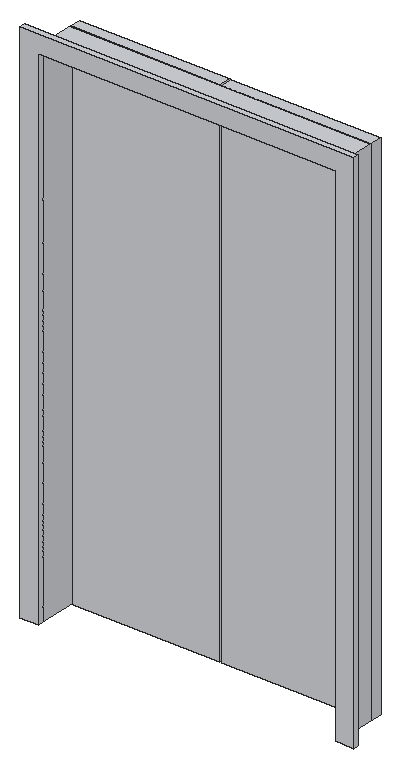
Revit family "SEQP_Elevator_Double Door HW", category Specialty Equipment, host Wall, Revit 2024
Family settings
  Host = Wall
  Round Connector Dimension = Use Diameter
  Part Type = Normal
  Enable Cutting in Views = No
  Always vertical = Yes
  Cut with Voids When Loaded = No
  Maintain Annotation Orientation = No
  Shared = No
  Room Calculation Point = No
Parameters (values of type "1250 x 2150")
  EA_Repath [instance] = 0 mm
  Default Elevation = 0 mm
  Assembly Code = "D1010"
  Door Finish = none
  Door Height = 2150 mm
  Door Width = 1250 mm
  Frame Finish = none
  Trim Projection = 25 mm
  Trim Width = 76 mm
Types (4, lengths in mm): name | Door Width
  1250 x 2150 | 1250
  915 x 2150 | 915
  815 x 2150 | 815
  1100 x 2150 | 1100
Reference planes
  plane 1: y = 0
  plane 2: x = -99.136
  plane 3: y = 76.2
  plane 4: z = 2175.4
  plane 5: x = 532.214
  plane 6: x = -730.486
  plane 7: x = -724.136
  plane 8: x = 525.864
  plane 9: z = 2150
  plane 10: y = 127
Forms (mm)
  Extrusion 1, solid, material <- "Door Finish"
    sketch origin (0, 76.2, 0) x (1, 0, 0) y (0, 0, 1)
      loop
        line (532.214, 2175.4) -> (-95.961, 2175.4) -> (-95.961, 0) -> (532.214, 0) -> (532.214, 2175.4)
    from 0 to -50.8
  Extrusion 2, solid, material <- "Door Finish"
    sketch origin (0, 76.2, 0) x (1, 0, 0) y (0, 0, 1)
      loop
        line (-730.486, 2175.4) -> (-730.486, 0) -> (-102.311, 0) -> (-102.311, 2175.4) -> (-730.486, 2175.4)
    from 0 to -50.8
  Extrusion 3, solid, material <- "Frame Finish"
    sketch origin (-1524, -76.2, 0) x (1, 0, 0) y (0, 0, 1)
      loop
        line (799.864, 0) -> (799.864, 2150) -> (2049.864, 2150) -> (2049.864, 0) -> (2125.864, 0) -> (2125.864, 2226) -> (723.864, 2226) -> (723.864, 0) -> (799.864, 0)
    from 0 to 25
  Extrusion 4, solid, material <- "Frame Finish"
    sketch origin (-1524, -76.2, 0) x (1, 0, 0) y (0, 0, 1)
      loop
        line (799.864, 0) -> (799.864, 2150) -> (2049.864, 2150) -> (2049.864, 0) -> (2056.214, 0) -> (2056.214, 2175.4) -> (793.514, 2175.4) -> (793.514, 0) -> (799.864, 0)
    from 0 to -152.4
Lines and regions (mm)
  Opening 1
    outline origin (-1524, -76.2, 0) x (1, 0, 0) y (0, 0, 1)
      loop
        line (2056.214, 0) -> (2056.214, 2175.4) -> (793.514, 2175.4) -> (793.514, 0) -> (2056.214, 0)
Text (mm)
  text "Elevator Car" at (0, 405.104, 1238.445), in view "Right"
  text "Elevator Cab" at (0, 1206.291, 1331.035), in view "Left"
Dimensions and locks
  equal spacing: plane 7, plane 2, plane 8
  locked: plane 6 to plane 7 at 6.35
  locked: plane 8 to plane 5 at 6.35
  "Door Width": plane 7 to plane 8
  "Door Height": plane 9 to level
  locked: plane 4 to plane 9 at 25.4
  "Trim Projection": Extrusion 3 to host wall
  "Trim Width": Extrusion 3 sketch curve to plane 7
  "Trim Width": plane 8 to Extrusion 3 sketch curve
  "Trim Width": Extrusion 3 sketch curve to plane 9
  locked: plane 3 to plane 10 at 50.8
  aligned and locked: plane 3 to host wall
  aligned and locked: Extrusion 4 to plane 3
  aligned and locked: Extrusion 2 to plane 10
  aligned and locked: Extrusion 1 to Extrusion 2
Automatic sketch dimensions
  Opening 1 sketch curve to level = 0 mm
  Opening 1 sketch curve to plane 6 = 0 mm
  Opening 1 sketch curve to plane 4 = 0 mm
  Opening 1 sketch curve to plane 5 = 0 mm
  Extrusion 3 sketch curve to level = 0 mm  (x2)
  Extrusion 3 sketch curve to plane 7 = 0 mm
  Extrusion 3 sketch curve to plane 8 = 0 mm
  Extrusion 3 sketch curve to plane 9 = 0 mm
  Extrusion 4 sketch curve to level = 0 mm  (x2)
  Extrusion 4 sketch curve to plane 6 = 0 mm
  Extrusion 4 sketch curve to plane 7 = 0 mm
  Extrusion 4 sketch curve to plane 8 = 0 mm
  Extrusion 4 sketch curve to plane 4 = 0 mm
  Extrusion 4 sketch curve to plane 5 = 0 mm
  Extrusion 4 sketch curve to plane 9 = 0 mm
  Extrusion 2 sketch curve to level = 0 mm
  Extrusion 2 sketch curve to plane 6 = 0 mm
  Extrusion 2 sketch curve to plane 4 = 0 mm
  Extrusion 2 sketch curve to plane 2 = 3.175 mm
  Extrusion 1 sketch curve to plane 4 = 0 mm
  Extrusion 1 sketch curve to level = 0 mm
  Extrusion 1 sketch curve to plane 5 = 0 mm
  plane 2 to Extrusion 1 sketch curve = 3.175 mm
